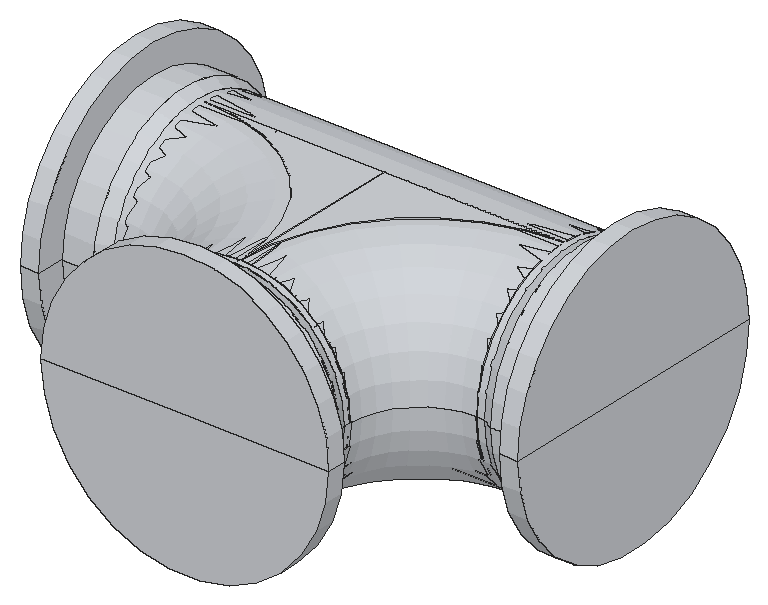
Revit family "5b9c9e163b8f4441aecdf7e2f255e03e", category Pipe Fittings, Revit 2021
Family settings
  Round Connector Dimension = Use Radius
  Part Type = Tee
  OmniClass Number = 23.60.30.11.14
  OmniClass Title = Pipework Fittings
  Seek Item ID = Tee - PVC - Sch 40-0000-USA-ENU
  Work Plane-Based = No
  Always vertical = Yes
  Cut with Voids When Loaded = No
  Shared = No
Parameters (values of type "Standard")
  Visibility 1 [instance] = Angle = 90.00°  # yes
  Tick Size [instance] = Fitting Outside Diameter * 0.4  # 6.1200"
  Socket Outside Radius [instance] = Socket Outside Diameter / 2  # 8.0950"
  Socket Outside Diameter [instance] = size_lookup(Lookup Table Name, "SOD", 1.1700" + 1.0761 * Nominal Diameter, Nominal Diameter)  # 16.1900"
  Socket Depth [instance] = if(Nominal Diameter < 14.0000", 2.5000", if(Nominal Diameter < 30.0000", 3.5000", 4.0000"))  # 3.5000"
  Lookup Table Name = "Tee - MJ - GI - Class 150"
  Length 2 [instance] = Center to End Label - Socket Depth - Bevel Length  # 13.1100"
  Length 1 [instance] = Socket Depth + Bevel Length  # 4.3900"
  Fitting Outside Radius [instance] = Fitting Outside Diameter / 2  # 7.6500"
  Fitting Outside Diameter [instance] = size_lookup(Lookup Table Name, "FOD", 0.6800" + 1.0453 * Nominal Diameter, Nominal Diameter)  # 15.3000"
  Nominal Radius [instance] = 7.0000"
  Nominal Diameter [instance] = Nominal Radius * 2  # 14.0000"
  Loss Method = K Coefficient from Table
  K Coefficient Table = "Tee"
  Default Elevation = 0.0000"
  Bevel Length [instance] = size_lookup(Lookup Table Name, "BvLgt", 0.4900" + 0.0308 * Nominal Diameter, Nominal Diameter)  # 0.8900"
  Center to Socket Bottom [instance] = size_lookup(Lookup Table Name, "CtSB", 6.1700" + 0.6 * Nominal Diameter, Nominal Diameter)  # 14.0000"
  Center to End Label [instance] = if((Center to End - Gland Width) * tan(Angle 1 / 2) > Gland Outside Radius, Center to End, Gland Outside Radius / tan(Angle 1 / 2) + Gland Width)  # 17.5000"
  Center to End [instance] = Center to Socket Bottom + Socket Depth  # 17.5000"
  Center Radius Label [instance] = if(Center to Socket Bottom - Center Radius - Bevel Length < 0.5000", Center to Socket Bottom - Bevel Length - 0.5000", Center Radius)  # 12.6100"
  Center Radius [instance] = size_lookup(Lookup Table Name, "CRad", Center to Socket Bottom - Bevel Length, Nominal Diameter)  # 13.1100"
  Gland Width [instance] = size_lookup(Lookup Table Name, "GWid", 0.8600" + 0.0318 * Nominal Diameter, Nominal Diameter)  # 1.3100"
  Gland Outside Radius [instance] = Gland Outside Diameter / 2  # 10.1250"
  Gland Outside Diameter [instance] = size_lookup(Lookup Table Name, "GOD", 4.3800" + 1.1302 * Nominal Diameter, Nominal Diameter)  # 20.2500"
  Angle 1 [instance] = if(Angle > 90.00°, 180.00° - Angle, Angle)  # 90.00°
  Angle [instance] = 90.00°
Reference planes (in)
  plane 1 "Center (Front/Back)": y = 0
  plane 2: z = 0
  plane 3 "Center (Left/Right)": x = 0
  plane 4: y = 10.125
  plane 5: y = 8.095
  plane 6: y = 7.65
  plane 7: x = -17.5
  plane 8: x = -16.19
  plane 9: x = -13.11
  plane 10: x = -14
  plane 11: x = 17.5
  plane 12: x = 16.19
  plane 13: x = 13.11
  plane 14: x = 14
  plane 15: z = 7.65
  plane 16: z = -7.65
  plane 17: y = 6.12
  plane 18: y = -6.12
Forms (in)
  Revolve 1, solid, detail levels fine
    sketch origin (0, 0, 0) x (1, 0, 0) y (0, 1, 0)
      loop
        line (-17.5, 0) -> (17.5, 0) -> (17.5, 10.125) -> (16.19, 10.125) -> (16.19, 8.095) -> (14, 8.095) -> (13.11, 7.65) -> (-13.11, 7.65) -> (-14, 8.095) -> (-16.19, 8.095) -> (-16.19, 10.125) -> (-17.5, 10.125) -> (-17.5, 0)
      axis (-17.5, 0) -> (17.5, 0)
    angle from 0 to 360
  Revolve 2, solid, detail levels fine
    sketch origin (0, 0, 0) x (0, -1, 0) y (1, 0, 0)
      loop
        line (0, -7.65) -> (13.11, -7.65) -> (14, -8.095) -> (16.19, -8.095) -> (16.19, -10.125) -> (17.5, -10.125) -> (17.5, 0) -> (0, 0) -> (0, -7.65)
      axis (0, 0) -> (17.5, 0)
    angle from 0 to 360
  Sweep 3, solid, visible <- "Visibility 1", detail levels fine
    path origin (0, 0, 0) x (1, 0, 0) y (0, 1, 0)
      loop
        arc (12.61, 0) -> (3.69338, -3.69338) -> (0, -12.61) r 12.61
    profile origin (3.69338, -3.69338, 0) x (0.707107, -0.707107, 0) y (0, 0, 1)
      loop
        circle (0, 0) r 7.65
  Sweep 4, solid, visible <- "Visibility 1", detail levels fine
    path origin (0, 0, 0) x (-1, 0, 0) y (0, 1, 0)
      loop
        arc (12.61, 0) -> (3.69338, -3.69338) -> (0, -12.61) r 12.61
        line (0, -12.61) -> (0, -13.11)
    profile origin (-3.69338, -3.69338, 0) x (0.707107, 0.707107, 0) y (0, 0, 1)
      loop
        circle (0, 0) r 7.65
  Extrusion 5, solid, visible <- "Visibility 1", detail levels fine
    sketch origin (0, 0, 0) x (1, 0, 0) y (0, 1, 0)
      loop
        arc (-12.61, 0) -> (-3.69338, -3.69338) -> (0, -12.61) r 12.61
        arc (0, -12.61) -> (3.69338, -3.69338) -> (12.61, 0) r 12.61
        line (12.61, 0) -> (-12.61, 0)
    from -7.65 to 7.65
Cuts and joins
  joined: Revolve 1, Revolve 2
Lines and regions (in)
  model lines, detail levels coarse+medium
    curve 1: line (-17.5, 6.12, 0) -> (-17.5, -6.12, 0)
    curve 2: line (17.5, 6.12, 0) -> (17.5, -6.12, 0)
    curve 4: line (-6.12, -17.5, 0) -> (6.12, -17.5, 0)
  reference lines, not visible
    curve 3: line (0, 0, 0) -> (0, -17.5, 0)
  model lines, style "PipeFitting", detail levels coarse+medium
    curve 5: line (0, 0, 0) -> (0, -17.5, 0)
    curve 6: line (-17.5, 0, 0) -> (17.5, 0, 0)
Dimensions and locks (in)
  "Fitting Outside Radius": plane 6 to plane 1 "Center (Front/Back)"
  "Socket Outside Radius": plane 5 to plane 1 "Center (Front/Back)"
  "Gland Outside Radius": plane 4 to plane 1 "Center (Front/Back)"
  "Gland Width": plane 7 to plane 8
  "Socket Depth": plane 7 to plane 10
  "Bevel Length": plane 10 to plane 9
  "Gland Width": plane 11 to plane 12
  "Socket Depth": plane 11 to plane 14
  "Bevel Length": plane 13 to plane 14
  "Fitting Outside Radius": plane 15 to plane 2
  "Fitting Outside Radius": plane 16 to level
  "Tick Size": plane 1 "Center (Front/Back)" to plane 18
  "Tick Size": plane 17 to plane 1 "Center (Front/Back)"
  "Center to End Label": plane 7 to plane 3 "Center (Left/Right)"
  "Center to End Label": plane 3 "Center (Left/Right)" to plane 11
  "Center to End Label": curve 3 to curve 3
  "Center to End Label": Revolve 2 sketch curve to Revolve 2 sketch curve
  "Gland Width": Revolve 2 sketch curve to Revolve 2 sketch curve
  "Gland Outside Radius": Revolve 2 sketch curve to Revolve 2 sketch curve
  "Socket Outside Radius": Revolve 2 sketch curve to Revolve 2 sketch curve
  "Fitting Outside Radius": Revolve 2 sketch curve to Revolve 2 sketch curve
  "Socket Depth": Revolve 2 sketch curve to Revolve 2 sketch curve
  "Length 1": Revolve 2 sketch curve to Revolve 2 sketch curve
  "Tick Size": curve 3 to curve 4
  "Tick Size": curve 4 to curve 3
  "Center to End Label": curve 5 to curve 5
  "Center Radius Label": plane 3 "Center (Left/Right)" to Extrusion 5 sketch curve
  "Center Radius Label": Extrusion 5 sketch curve to plane 3 "Center (Left/Right)"
  "Length 2": Sweep 4 sketch curve to plane 1 "Center (Front/Back)"
  "Center Radius Label": radius of Sweep 3 sketch curve
  "Fitting Outside Radius": radius of Sweep 3 sketch curve
  "Center Radius Label": radius of Sweep 4 sketch curve
  "Fitting Outside Radius": radius of Sweep 4 sketch curve
  "Center Radius Label": radius of Extrusion 5 sketch curve
  "Angle": angle curve 3 to plane 1 "Center (Front/Back)"
  "Angle": angle Revolve 2 sketch curve to plane 1 "Center (Front/Back)"
  locked: curve 3 to curve 4 (angle 90.00°)
  "Angle": angle curve 5 to plane 1 "Center (Front/Back)"
  aligned and locked: plane 1 "Center (Front/Back)" to Revolve 1 sketch curve
  aligned and locked: plane 7 to Revolve 1 sketch curve
  aligned and locked: Revolve 1 sketch curve to plane 4  (x2)
  aligned and locked: Revolve 1 sketch curve to plane 6
  aligned and locked: Revolve 1 sketch curve to plane 5  (x2)
  aligned and locked: plane 12 to Revolve 1 sketch curve
  aligned and locked: Revolve 1 sketch curve to plane 11
  aligned and locked: Revolve 1 sketch curve to plane 8
  aligned and locked: Revolve 1 sketch curve to Revolve 1 sketch curve
  aligned and locked: plane 10 to Revolve 1 sketch curve
  aligned and locked: plane 9 to Revolve 1 sketch curve
  aligned and locked: Revolve 1 sketch curve to plane 13
  aligned and locked: Revolve 1 sketch curve to plane 14
  aligned and locked: plane 18 to curve 2
  aligned and locked: plane 17 to curve 2
  aligned and locked: curve 2 to plane 11
  aligned and locked: plane 18 to curve 1
  aligned and locked: plane 17 to curve 1
  aligned and locked: curve 1 to plane 7
  aligned and locked: plane 3 "Center (Left/Right)" to curve 3
  aligned and locked: plane 1 "Center (Front/Back)" to curve 3
  aligned and locked: plane 3 "Center (Left/Right)" to Revolve 2 sketch curve
  aligned and locked: plane 1 "Center (Front/Back)" to Revolve 2 sketch curve
  aligned and locked: Revolve 2 sketch curve to Revolve 2 sketch curve  (x3)
  aligned and locked: curve 4 to curve 3
  aligned and locked: plane 3 "Center (Left/Right)" to curve 5
  aligned and locked: plane 1 "Center (Front/Back)" to Extrusion 5 sketch curve
  aligned and locked: plane 15 to Extrusion 5
  aligned and locked: plane 1 "Center (Front/Back)" to curve 6
  aligned and locked: plane 7 to curve 6
  aligned and locked: plane 11 to curve 6
  aligned and locked: plane 16 to Extrusion 5
Automatic sketch dimensions
  Revolve 1 sketch curve to plane 7 = 1.01143"
  Revolve 1 sketch curve to plane 11 = 1.76143"
  Sweep 3 sketch curve to plane 3 "Center (Left/Right)" = 0.0000"
  plane 1 "Center (Front/Back)" to Sweep 3 sketch curve = 0.0000"
  Sweep 3 sketch curve to level = 0.0000"
  Sweep 3 sketch curve to profile plane = 0.0000"
  Sweep 4 sketch curve to level = 0.0000"
  Sweep 4 sketch curve to profile plane = 0.0000"
  Extrusion 5 sketch curve to plane 3 "Center (Left/Right)" = 0.0000"
  plane 1 "Center (Front/Back)" to Extrusion 5 sketch curve = 0.0000"
  Extrusion 5 sketch curve to Extrusion 5 sketch curve = 0.0000"
  Sweep 4 sketch curve to plane 3 "Center (Left/Right)" = 0.0000"
  plane 1 "Center (Front/Back)" to Sweep 4 sketch curve = 0.0000"
Connectors (in)
  piping at (-17.5, 0, 0), diameter 14, driven by "Nominal Radius"
    settings: on Revolve 1, index 1, connector inside diameter 14.0000", connector length 0.0000", flow factor 0, pipe flow 0 GPM, pressure drop 0.00 psi, fitting loss kfactor 0, connector angle 0.00°, fixture units 0, engagement length 0.0000", angle of deflection 0.00°, flow configuration 0, flow direction 0, fitting loss method 0, system type 28, joint type 0, gender type 0, connector reference index 2, connector utility 0, adjustable connector no, is connector primary yes, connector description ""
  piping at (17.5, 0, 0), diameter 14, driven by "Nominal Radius"
    settings: on cut or joined group of Revolve 1, Revolve 2, index 2, connector inside diameter 14.0000", connector length 0.0000", flow factor 0, pipe flow 0 GPM, pressure drop 0.00 psi, fitting loss kfactor 0, connector angle 0.00°, fixture units 0, engagement length 0.0000", angle of deflection 0.00°, flow configuration 0, flow direction 0, fitting loss method 0, system type 28, joint type 0, gender type 0, connector reference index 1, connector utility 0, adjustable connector no, is connector primary no, connector description ""
  piping at (0, -17.5, 0), diameter 14, driven by "Nominal Radius", driven by "Angle"
    settings: on cut or joined group of Revolve 1, Revolve 2, index 3, connector inside diameter 14.0000", connector length 0.0000", flow factor 0, pipe flow 0 GPM, pressure drop 0.00 psi, fitting loss kfactor 0, connector angle 90.00°, fixture units 0, engagement length 0.0000", angle of deflection 0.00°, flow configuration 0, flow direction 0, fitting loss method 0, system type 28, joint type 0, gender type 0, connector reference index -1, connector utility 0, adjustable connector no, is connector primary no, connector description ""
